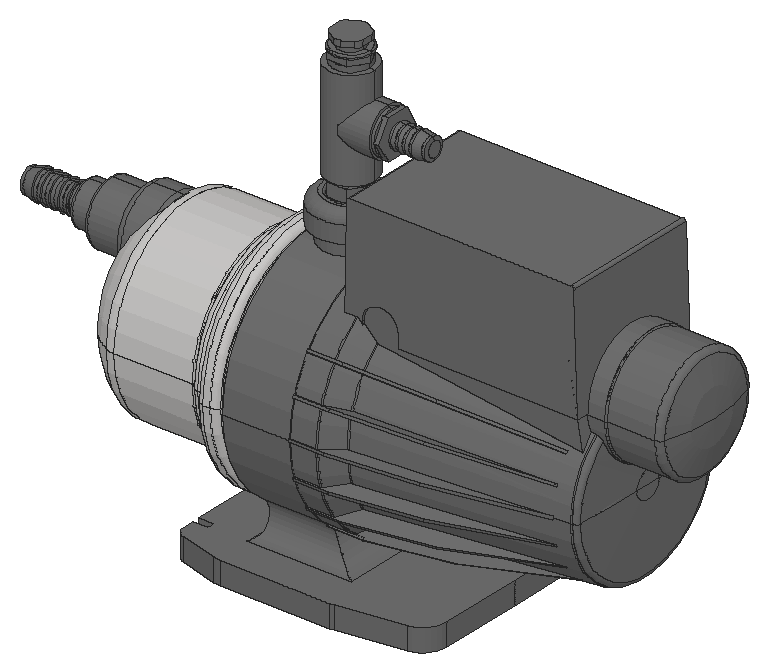
Revit family "QF-Repressurization_Pump-OptiPure-HF+-1HP", category Specialty Equipment, Revit 2017
Family settings
  Round Connector Dimension = Use Diameter
  Part Type = Normal
  OmniClass Number = 23.40.40.14
  OmniClass Title = Food Service Equipment
  Work Plane-Based = No
  Always vertical = Yes
  Cut with Voids When Loaded = No
  Shared = No
  Room Calculation Point = No
Parameters (values of type "HF PLUS - 1 HP")
  Width = 8.50"
  Watts = 2 W
  Volts = 120 V
  URL = "WWW.OPTIPUREWATER.COM"
  Model = "164-85100 - SMART PUMP ASSY HF PLUS - 1 HP"
  Material = Stainless Steel
  Manufacturer = "OPTIPURE"
  Length = 24.46875"
  Keynote = "11400"
  Height = 16.34375"
  Filtered Water Out A = 0.50"
  Filtered Water In A = 0.50"
  Description = "REPRESSURIZATION PUMP"
  Cycle = 60 Hz
  Current = 8 A
  Body Material = Black Plastic
  Assembly Code = "E1090300"
Reference planes (in)
  plane 1 "Center (Front/Back)": y = 0
  plane 2: z = 0
  plane 3 "Center (Left/Right)": x = 0.6145
  plane 4: x = 25.0745
  plane 5: z = 16.35156
  plane 6: y = -4.25
  plane 7: y = 4.25
  plane 8: y = -4.30078
  plane 9: z = 7.56
  plane 10: x = 12.08485
  plane 11: y = 4.29
  plane 12: y = -4.29091
Forms (in)
  Revolve 1, solid, material "Stainless Steel" <- "Material"
    sketch origin (0, 10.70485, 5.54926) x (1, 0, 0) y (0, 1, 0)
      loop
        line (6.41274, -14.20483) -> (9.18029, -14.20488)
        arc (9.18029, -14.20488) -> (9.23648, -14.21048) -> (9.29045, -14.22708) r 0.28445
        line (9.29045, -14.22708) -> (9.37795, -14.30357)
        arc (9.37795, -14.30357) -> (9.46502, -14.37653) -> (9.5756, -14.40253) r 0.24575
        line (9.5756, -14.40253) -> (9.68532, -14.40228)
        arc (9.68532, -14.40228) -> (9.82416, -14.44417) -> (9.91615, -14.55626) r 0.24916
        line (9.91615, -14.55626) -> (9.94903, -14.80118)
        arc (9.94903, -14.80118) -> (10.04103, -14.91296) -> (10.17958, -14.95488) r 0.24964
        line (10.17958, -14.95488) -> (10.43211, -14.9548)
        arc (10.43211, -14.9548) -> (10.59283, -14.89619) -> (10.67819, -14.74793) r 0.24989
        line (10.67819, -14.74793) -> (10.6848, -14.70362) -> (10.68479, -14.40722) -> (10.83842, -14.40722) -> (10.9365, -14.40515) -> (10.93176, -10.70485) -> (4.33756, -10.70485) -> (4.33756, -10.82744)
        arc (4.33756, -10.82744) -> (4.36267, -11.28009) -> (4.4377, -11.72719) r 4.09237
        arc (4.4377, -11.72719) -> (4.59282, -12.2732) -> (4.80792, -12.79848) r 5.07678
        arc (4.80792, -12.79848) -> (5.35349, -13.59041) -> (6.11814, -14.17361) r 3.05622
        arc (6.11814, -14.17361) -> (6.26461, -14.197) -> (6.41274, -14.20483) r 1.4061
      axis (4.33756, -10.70485) -> (10.9365, -10.70485)
    angle from 0 to 360
  Extrusion 2, solid, material "Black Plastic" <- "Body Material"
    sketch origin (0, 10.70485, 5.54926) x (1, 0, 0) y (0, 0, 1)
      loop
        line (10.68545, -4.74758) -> (14.44003, -4.74758)
        arc (14.44003, -4.74758) -> (13.62479, -4.40989) -> (13.2871, -3.59465) r 1.15293
        line (13.2871, -3.59465) -> (10.93724, -3.59465) -> (10.93724, -4.49579)
        arc (10.93724, -4.49579) -> (10.86349, -4.67383) -> (10.68545, -4.74758) r 0.25179
    from 6.45485 to 14.95485
  Extrusion 3, solid, material "Black Plastic" <- "Body Material"
    sketch origin (0, 10.70485, 5.54926) x (0, 1, 0) y (0, 0, 1)
      loop
        circle (-10.70485, 0) r 4.29
    from 10.9365 to 13.3356
  Extrusion 4, solid, material "Black Plastic" <- "Body Material"
    sketch origin (0, 10.70485, 5.54926) x (1, 0, 0) y (0, 1, 0)
      loop
        line (17.93033, -13.72339) -> (17.93033, -10.70485) -> (17.93033, -7.68631)
        arc (17.93033, -7.68631) -> (17.7231, -7.12458) -> (17.20071, -6.83203) r 0.86492
        line (17.20071, -6.83203) -> (14.897, -6.46716)
        arc (14.897, -6.46716) -> (14.81903, -6.45793) -> (14.74057, -6.45485) r 1
        line (14.74057, -6.45485) -> (10.82099, -6.45485)
        arc (10.82099, -6.45485) -> (10.68668, -6.46391) -> (10.55481, -6.49093) r 1
        line (10.55481, -6.49093) -> (9.14704, -6.87967)
        arc (9.14704, -6.87967) -> (8.91739, -7.03503) -> (8.82877, -7.29775) r 0.43372
        line (8.82877, -7.29775) -> (8.82877, -7.70485) -> (9.32795, -7.70485)
        arc (9.32795, -7.70485) -> (9.3633, -7.71949) -> (9.37795, -7.75485) r 0.05
        line (9.37795, -7.75485) -> (9.37795, -7.90485)
        arc (9.37795, -7.90485) -> (9.3633, -7.94021) -> (9.32795, -7.95485) r 0.05
        line (9.32795, -7.95485) -> (8.82877, -7.95485) -> (8.82877, -10.70485) -> (8.82877, -13.45485) -> (9.32795, -13.45485)
        arc (9.32795, -13.45485) -> (9.3633, -13.46949) -> (9.37795, -13.50485) r 0.05
        line (9.37795, -13.50485) -> (9.37795, -13.65485)
        arc (9.37795, -13.65485) -> (9.3633, -13.69021) -> (9.32795, -13.70485) r 0.05
        line (9.32795, -13.70485) -> (8.82877, -13.70485) -> (8.82877, -14.11195)
        arc (8.82877, -14.11195) -> (8.91739, -14.37467) -> (9.14704, -14.53003) r 0.43372
        line (9.14704, -14.53003) -> (10.55481, -14.91877)
        arc (10.55481, -14.91877) -> (10.68668, -14.94579) -> (10.82099, -14.95485) r 1
        line (10.82099, -14.95485) -> (14.74057, -14.95485)
        arc (14.74057, -14.95485) -> (14.81903, -14.95177) -> (14.897, -14.94254) r 1
        line (14.897, -14.94254) -> (17.20071, -14.57767)
        arc (17.20071, -14.57767) -> (17.7231, -14.28512) -> (17.93033, -13.72339) r 0.86492
    from -5.54926 to -4.74758
  Revolve 5, solid, material "Black Plastic" <- "Body Material"
    sketch origin (0, 0, 5.20271) x (1, 0, 0) y (0, 0, 1)
      loop
        arc (3.56859, 3.48113) -> (3.47915, 3.44178) -> (3.44773, 3.34926) r 0.12132
        line (3.44773, 3.34926) -> (3.44773, 3.13692) -> (2.74425, 3.13692)
        arc (2.74425, 3.13692) -> (2.69253, 3.12183) -> (2.65634, 3.08191) r 0.09912
        line (2.65634, 3.08191) -> (2.6345, 3.03796) -> (2.6345, 2.87339) -> (2.42644, 2.87339) -> (2.3345, 2.84886) -> (2.3345, 2.35729) -> (6.11814, 2.35729) -> (6.11814, 3.8126) -> (5.87291, 3.8126) -> (5.01913, 3.8126)
        arc (5.01913, 3.8126) -> (4.83507, 3.73636) -> (4.75882, 3.55229) r 0.26031
        line (4.75882, 3.55229) -> (4.75882, 3.48113) -> (3.56859, 3.48113)
      axis (6.11814, 2.35729) -> (2.3345, 2.35729)
    angle from 0 to 360
  Revolve 6, solid, material "Black Plastic" <- "Body Material"
    sketch origin (0, 0, 5.54926) x (1, 0, 0) y (0, 0, 1)
      loop
        line (13.13848, 4.69625) -> (13.3971, 4.69625) -> (13.3971, 5.31141)
        arc (13.3971, 5.31141) -> (13.28455, 5.58313) -> (13.01282, 5.69566) r 0.38425
        line (13.01282, 5.69566) -> (12.87036, 5.69566)
        arc (12.87036, 5.69566) -> (12.83214, 5.67982) -> (12.8163, 5.6416) r 0.05406
        line (12.8163, 5.6416) -> (12.08485, 5.6416) -> (12.08485, 3.86317) -> (13.13848, 3.86317) -> (13.13848, 4.69625)
      loop
        line (12.93589, 6.2995) -> (12.93589, 9.83552) -> (12.73823, 9.83551) -> (12.74929, 10.04417) -> (12.08485, 10.04417) -> (12.08485, 6.10198) -> (12.70386, 6.10198) -> (12.66903, 6.2995) -> (12.93589, 6.2995)
      loop
        line (12.08485, 10.60402) -> (12.08485, 10.28573) -> (12.79895, 10.28573) -> (12.79895, 10.33309)
        arc (12.79895, 10.33309) -> (12.7843, 10.36844) -> (12.74895, 10.38309) r 0.05
        line (12.74895, 10.38309) -> (12.54895, 10.38309) -> (12.56065, 10.60402) -> (12.08485, 10.60402)
      axis (12.08485, 3.86317) -> (12.08485, 10.60402)
    angle from 0 to 360
  Extrusion 7, solid, material "Black Plastic" <- "Body Material"
    sketch origin (0, 10.5, 5.54926) x (1, 0, 0) y (0, 1, 0)
      loop
        line (11.72746, -9.88099) -> (11.37007, -10.5) -> (11.72746, -11.11901) -> (12.44223, -11.11901) -> (12.79962, -10.5) -> (12.44223, -9.88099) -> (11.72746, -9.88099)
    from 5.6416 to 6.10198
  Extrusion 8, solid, material "Black Plastic" <- "Body Material"
    sketch origin (0, 10.70485, 0) x (1, 0, 0) y (0, 0, 1)
      loop
        arc (14.11548, 10.75) -> (13.94183, 10.67985) -> (13.86564, 10.50876) r 0.25
        line (13.86564, 10.50876) -> (13.81291, 7.5) -> (22.33187, 7.5) -> (21.78809, 10.58393)
        arc (21.78809, 10.58393) -> (21.69667, 10.70431) -> (21.5526, 10.75) r 0.25
        line (21.5526, 10.75) -> (14.11548, 10.75)
    from 8.26869 to 13.14101
  Revolve 9, solid, material "Black Plastic" <- "Body Material"
    sketch origin (0, 10.70485, 8.5) x (1, 0, 0) y (0, 1, 0)
      loop
        line (20.46094, -10.70485) -> (20.46094, -12.77404) -> (22.81637, -12.77404) -> (22.86057, -12.72985) -> (24.54969, -12.72985)
        arc (24.54969, -12.72985) -> (24.69489, -12.68336) -> (24.78609, -12.56117) r 0.25
        arc (24.78609, -12.56117) -> (25.01274, -11.64582) -> (25.0745, -10.70485) r 5.32912
        line (25.0745, -10.70485) -> (20.46094, -10.70485)
      axis (20.46094, -10.70485) -> (25.0745, -10.70485)
    angle from 0 to 360
  Extrusion 10, solid, material "Black Plastic" <- "Body Material"
    sketch origin (0, 10.5, 9.95184) x (1, 0, 0) y (0, 1, 0)
      loop
        line (11.72746, -9.88099) -> (11.37007, -10.5) -> (11.72746, -11.11901) -> (12.44223, -11.11901) -> (12.79962, -10.5) -> (12.44223, -9.88099) -> (11.72746, -9.88099)
    from 5.6416 to 5.88315
  Extrusion 11, solid, material "Black Plastic" <- "Body Material"
    sketch origin (12.08485, 0, 16.15328) x (1, 0, 0) y (0, 1, 0)
      loop
        line (-0.45918, -0.40945) -> (-0.125, -0.60239)
        arc (-0.125, -0.60239) -> (0, -0.63588) -> (0.125, -0.60239) r 0.25
        line (0.125, -0.60239) -> (0.45918, -0.40945)
        arc (0.45918, -0.40945) -> (0.55069, -0.31794) -> (0.58418, -0.19294) r 0.25
        line (0.58418, -0.19294) -> (0.58418, 0.19294)
        arc (0.58418, 0.19294) -> (0.55069, 0.31794) -> (0.45918, 0.40945) r 0.25
        line (0.45918, 0.40945) -> (0.125, 0.60239)
        arc (0.125, 0.60239) -> (0, 0.63588) -> (-0.125, 0.60239) r 0.25
        line (-0.125, 0.60239) -> (-0.45918, 0.40945)
        arc (-0.45918, 0.40945) -> (-0.55069, 0.31794) -> (-0.58418, 0.19294) r 0.25
        line (-0.58418, 0.19294) -> (-0.58418, -0.19294)
        arc (-0.58418, -0.19294) -> (-0.55069, -0.31794) -> (-0.45918, -0.40945) r 0.25
    from 0 to 0.19828
  Revolve 12, solid, material "Black Plastic" <- "Body Material"
    sketch origin (-9.73996, 0, -6.04938) x (1, 0, 0) y (0, 0, 1)
      loop
        line (12.07446, 13.60937) -> (12.07446, 14.10938) -> (12.07446, 14.15437) -> (11.90652, 14.10938) -> (11.76446, 14.10938) -> (11.76446, 14.15437) -> (11.59652, 14.10938) -> (11.45446, 14.10938) -> (11.45446, 14.15437) -> (11.28652, 14.10938) -> (11.14446, 14.10938) -> (11.14446, 14.15437) -> (10.97652, 14.10938) -> (10.83446, 14.10938) -> (10.83446, 14.15437) -> (10.45446, 14.05255) -> (10.35446, 14.05437) -> (10.35446, 13.60937) -> (12.07446, 13.60937)
      axis (12.07446, 13.60938) -> (10.35446, 13.60938)
    angle from 0 to 360
  Revolve 13, solid, material "Black Plastic" <- "Body Material"
    sketch origin (24.16969, 0, 0) x (-1, 0, 0) y (0, 0, -1)
      loop
        line (10.75, -14.45313) -> (12, -14.45313) -> (12, -13.60938) -> (10.62537, -13.60938) -> (10.62537, -14.36696) -> (10.75, -14.38893) -> (10.75, -14.45313)
      loop
        line (10.42615, -13.60937) -> (9.14385, -13.60937) -> (9.14385, -14) -> (9.25075, -14) -> (9.55745, -14.05408) -> (9.55745, -14.02115) -> (9.68245, -14.02115) -> (9.80535, -14.05408) -> (9.80535, -14.02115) -> (9.93035, -14.02115) -> (10.05325, -14.05408) -> (10.05325, -14.02115) -> (10.17825, -14.02115) -> (10.30115, -14.05408) -> (10.30115, -14.02115) -> (10.42615, -14.02115) -> (10.42615, -13.60937)
      axis (12, -13.60938) -> (9.14385, -13.60938)
    angle from 0 to 360
  Extrusion 14, solid, material "Black Plastic" <- "Body Material"
    sketch origin (24.16969, 10.70485, 0) x (0, 1, 0) y (0, 0, -1)
      loop
        line (-11.11045, -14.31189) -> (-10.29925, -14.31189) -> (-9.89366, -13.60937) -> (-10.29925, -12.90686) -> (-11.11045, -12.90686) -> (-11.51604, -13.60937) -> (-11.11045, -14.31189)
    from 10.42615 to 10.62537
  Extrusion 15, void
    sketch origin (2.61091, 10.70485, -2.3053) x (0, 1, 0) y (-0.5, 0, 0.866025)
      loop
        circle (-10.70485, 3.71938) r 0.75
    from 4.71673 to 4.97108
  Revolve 16, solid, material "Black Plastic" <- "Body Material"
    sketch origin (-0.14708, 0, -0.06328) x (1, 0, 0) y (0, 0, 1)
      loop
        line (4.25429, 3.46938) -> (4.25429, 3.0063)
        arc (4.25429, 3.0063) -> (4.26893, 2.97094) -> (4.30429, 2.9563) r 0.05
        line (4.30429, 2.9563) -> (5.00429, 2.9563) -> (5.00429, 2.87817) -> (5.5787, 2.87817) -> (5.5787, 3.46938) -> (4.25429, 3.46938)
      axis (5.5787, 3.46938) -> (4.25429, 3.46938)
    angle from 0 to 360
  Extrusion 17, solid, material "Black Plastic" <- "Body Material"
    sketch origin (0.87129, 2.43616, -0.56038) x (-1, 0, 0) y (0, 0, 1)
      loop
        line (-13.92758, 9.79306) -> (-14.26442, 9.98754) -> (-14.60126, 9.79306) -> (-14.60126, 9.40411) -> (-14.26442, 9.20963) -> (-13.92758, 9.40411) -> (-13.92758, 9.79306)
      loop
        circle (-14.26442, 9.59858) r 0.12772
    from 0 to 0.25
  Revolve 18, solid, material "Black Plastic" <- "Body Material"
    sketch origin (0, 10.70485, 5.54926) x (1, 0, 0) y (0, 1, 0)
      loop
        line (13.3356, -15.00563) -> (14.26202, -15.00563)
        arc (14.26202, -15.00563) -> (14.29454, -15.00019) -> (14.32353, -14.98448) r 0.1
        line (14.32353, -14.98448) -> (14.95663, -14.49055)
        arc (14.95663, -14.49055) -> (14.97971, -14.47853) -> (15.00512, -14.47286) r 0.1
        line (15.00512, -14.47286) -> (22.41372, -13.8127) -> (22.4403, -13.78029)
        arc (22.4403, -13.78029) -> (22.57084, -13.7407) -> (22.6328, -13.61917) r 0.17414
        arc (22.6328, -13.61917) -> (22.68198, -12.40995) -> (22.69838, -11.19984) r 44.6562
        line (22.69838, -11.19984) -> (22.69838, -10.70485) -> (13.3356, -10.70485) -> (13.3356, -15.00563)
      axis (22.69838, -10.70485) -> (13.3356, -10.70485)
    angle from 0 to 360
  Extrusion 19, solid, material "Black Plastic" <- "Body Material"
    sketch origin (12.14356, -141.83599, -86.88128) x (-1, 0, 0) y (0, -0.837967, -0.545721)
      loop
        line (-1.19203, -173.59593) -> (-2.11937, -173.59593)
        arc (-2.11937, -173.59593) -> (-2.15192, -173.59048) -> (-2.18093, -173.57473) r 0.1
        line (-2.18093, -173.57473) -> (-2.80597, -173.0864)
        arc (-2.80597, -173.0864) -> (-2.8308, -173.07219) -> (-2.85863, -173.0656) r 0.1
        line (-2.85863, -173.0656) -> (-9.69762, -172.45402) -> (-5.60987, -173.31703)
        arc (-5.60987, -173.31703) -> (-4.04336, -173.56348) -> (-2.45973, -173.64593) r 15.25
        line (-2.45973, -173.64593) -> (-1.19203, -173.64593) -> (-1.19203, -173.59593)
    from 0 to 0.10156
  Extrusion 20, solid, material "Black Plastic" <- "Body Material"
    sketch origin (12.14356, 137.10887, -93.75838) x (-1, 0, 0) y (0, 0.809705, -0.586838)
      loop
        line (-1.19203, -173.59593) -> (-2.11937, -173.59593)
        arc (-2.11937, -173.59593) -> (-2.15192, -173.59048) -> (-2.18093, -173.57473) r 0.1
        line (-2.18093, -173.57473) -> (-2.80597, -173.0864)
        arc (-2.80597, -173.0864) -> (-2.8308, -173.07219) -> (-2.85863, -173.0656) r 0.1
        line (-2.85863, -173.0656) -> (-9.69762, -172.45402) -> (-5.60987, -173.31703)
        arc (-5.60987, -173.31703) -> (-4.04336, -173.56348) -> (-2.45973, -173.64593) r 15.25
        line (-2.45973, -173.64593) -> (-1.19203, -173.64593) -> (-1.19203, -173.59593)
    from 0 to 0.10156
  Extrusion 21, solid, material "Black Plastic" <- "Body Material"
    sketch origin (12.14356, -163.29104, -39.13729) x (-1, 0, 0) y (0, -0.964614, -0.263667)
      loop
        line (-1.19203, -173.59593) -> (-2.11937, -173.59593)
        arc (-2.11937, -173.59593) -> (-2.15192, -173.59048) -> (-2.18093, -173.57473) r 0.1
        line (-2.18093, -173.57473) -> (-2.80597, -173.0864)
        arc (-2.80597, -173.0864) -> (-2.8308, -173.07219) -> (-2.85863, -173.0656) r 0.1
        line (-2.85863, -173.0656) -> (-9.69762, -172.45402) -> (-5.60987, -173.31703)
        arc (-5.60987, -173.31703) -> (-4.04336, -173.56348) -> (-2.45973, -173.64593) r 15.25
        line (-2.45973, -173.64593) -> (-1.19203, -173.64593) -> (-1.19203, -173.59593)
    from 0 to 0.10156
  Extrusion 22, solid, material "Black Plastic" <- "Body Material"
    sketch origin (12.14356, -169.13643, 12.87847) x (-1, 0, 0) y (0, -0.999049, 0.043592)
      loop
        line (-1.19203, -173.59593) -> (-2.11937, -173.59593)
        arc (-2.11937, -173.59593) -> (-2.15192, -173.59048) -> (-2.18093, -173.57473) r 0.1
        line (-2.18093, -173.57473) -> (-2.80597, -173.0864)
        arc (-2.80597, -173.0864) -> (-2.8308, -173.07219) -> (-2.85863, -173.0656) r 0.1
        line (-2.85863, -173.0656) -> (-9.69762, -172.45402) -> (-5.60987, -173.31703)
        arc (-5.60987, -173.31703) -> (-4.04336, -173.56348) -> (-2.45973, -173.64593) r 15.25
        line (-2.45973, -173.64593) -> (-1.19203, -173.64593) -> (-1.19203, -173.59593)
    from 0 to 0.10156
  Extrusion 23, solid, material "Black Plastic" <- "Body Material"
    sketch origin (12.14356, -158.81339, 64.1936) x (-1, 0, 0) y (0, -0.937982, 0.346684)
      loop
        line (-1.19203, -173.59593) -> (-2.11937, -173.59593)
        arc (-2.11937, -173.59593) -> (-2.15192, -173.59048) -> (-2.18093, -173.57473) r 0.1
        line (-2.18093, -173.57473) -> (-2.80597, -173.0864)
        arc (-2.80597, -173.0864) -> (-2.8308, -173.07219) -> (-2.85863, -173.0656) r 0.1
        line (-2.85863, -173.0656) -> (-9.69762, -172.45402) -> (-5.60987, -173.31703)
        arc (-5.60987, -173.31703) -> (-4.04336, -173.56348) -> (-2.45973, -173.64593) r 15.25
        line (-2.45973, -173.64593) -> (-1.19203, -173.64593) -> (-1.19203, -173.59593)
    from 0 to 0.10156
  Extrusion 24, solid, material "Black Plastic" <- "Body Material"
    sketch origin (12.14356, -133.30872, 109.90267) x (-1, 0, 0) y (0, -0.787249, 0.616635)
      loop
        line (-1.19203, -173.59593) -> (-2.11937, -173.59593)
        arc (-2.11937, -173.59593) -> (-2.15192, -173.59048) -> (-2.18093, -173.57473) r 0.1
        line (-2.18093, -173.57473) -> (-2.80597, -173.0864)
        arc (-2.80597, -173.0864) -> (-2.8308, -173.07219) -> (-2.85863, -173.0656) r 0.1
        line (-2.85863, -173.0656) -> (-9.69762, -172.45402) -> (-5.60987, -173.31703)
        arc (-5.60987, -173.31703) -> (-4.04336, -173.56348) -> (-2.45973, -173.64593) r 15.25
        line (-2.45973, -173.64593) -> (-1.19203, -173.64593) -> (-1.19203, -173.59593)
    from 0 to 0.10156
  Extrusion 25, solid, material "Black Plastic" <- "Body Material"
    sketch origin (12.14356, -95.06053, 145.63618) x (-1, 0, 0) y (0, -0.561259, 0.82764)
      loop
        line (-1.19203, -173.59593) -> (-2.11937, -173.59593)
        arc (-2.11937, -173.59593) -> (-2.15192, -173.59048) -> (-2.18093, -173.57473) r 0.1
        line (-2.18093, -173.57473) -> (-2.80597, -173.0864)
        arc (-2.80597, -173.0864) -> (-2.8308, -173.07219) -> (-2.85863, -173.0656) r 0.1
        line (-2.85863, -173.0656) -> (-9.69762, -172.45402) -> (-5.60987, -173.31703)
        arc (-5.60987, -173.31703) -> (-4.04336, -173.56348) -> (-2.45973, -173.64593) r 15.25
        line (-2.45973, -173.64593) -> (-1.19203, -173.64593) -> (-1.19203, -173.59593)
    from 0 to 0.10156
  Extrusion 26, solid, material "Black Plastic" <- "Body Material"
    sketch origin (12.14356, -47.72512, 167.97821) x (-1, 0, 0) y (0, -0.281617, 0.959527)
      loop
        line (-1.19203, -173.59593) -> (-2.11937, -173.59593)
        arc (-2.11937, -173.59593) -> (-2.15192, -173.59048) -> (-2.18093, -173.57473) r 0.1
        line (-2.18093, -173.57473) -> (-2.80597, -173.0864)
        arc (-2.80597, -173.0864) -> (-2.8308, -173.07219) -> (-2.85863, -173.0656) r 0.1
        line (-2.85863, -173.0656) -> (-9.69762, -172.45402) -> (-5.60987, -173.31703)
        arc (-5.60987, -173.31703) -> (-4.04336, -173.56348) -> (-2.45973, -173.64593) r 15.25
        line (-2.45973, -173.64593) -> (-1.19203, -173.64593) -> (-1.19203, -173.59593)
    from 0 to 0.10156
  Extrusion 27, solid, material "Black Plastic" <- "Body Material"
    sketch origin (12.14356, 4.17253, 174.79299) x (-1, 0, 0) y (0, 0.024946, 0.999689)
      loop
        line (-1.19203, -173.59593) -> (-2.11937, -173.59593)
        arc (-2.11937, -173.59593) -> (-2.15192, -173.59048) -> (-2.18093, -173.57473) r 0.1
        line (-2.18093, -173.57473) -> (-2.80597, -173.0864)
        arc (-2.80597, -173.0864) -> (-2.8308, -173.07219) -> (-2.85863, -173.0656) r 0.1
        line (-2.85863, -173.0656) -> (-9.69762, -172.45402) -> (-5.60987, -173.31703)
        arc (-5.60987, -173.31703) -> (-4.04336, -173.56348) -> (-2.45973, -173.64593) r 15.25
        line (-2.45973, -173.64593) -> (-1.19203, -173.64593) -> (-1.19203, -173.59593)
    from 0 to 0.10156
  Extrusion 28, solid, material "Black Plastic" <- "Body Material"
    sketch origin (12.14356, 55.67132, 165.42907) x (-1, 0, 0) y (0, 0.329125, 0.944286)
      loop
        line (-1.19203, -173.59593) -> (-2.11937, -173.59593)
        arc (-2.11937, -173.59593) -> (-2.15192, -173.59048) -> (-2.18093, -173.57473) r 0.1
        line (-2.18093, -173.57473) -> (-2.80597, -173.0864)
        arc (-2.80597, -173.0864) -> (-2.8308, -173.07219) -> (-2.85863, -173.0656) r 0.1
        line (-2.85863, -173.0656) -> (-9.69762, -172.45402) -> (-5.60987, -173.31703)
        arc (-5.60987, -173.31703) -> (-4.04336, -173.56348) -> (-2.45973, -173.64593) r 15.25
        line (-2.45973, -173.64593) -> (-1.19203, -173.64593) -> (-1.19203, -173.59593)
    from 0 to 0.10156
  Extrusion 29, solid, material "Black Plastic" <- "Body Material"
    sketch origin (12.14356, 101.84825, 140.78159) x (-1, 0, 0) y (0, 0.601841, 0.798616)
      loop
        line (-1.19203, -173.59593) -> (-2.11937, -173.59593)
        arc (-2.11937, -173.59593) -> (-2.15192, -173.59048) -> (-2.18093, -173.57473) r 0.1
        line (-2.18093, -173.57473) -> (-2.80597, -173.0864)
        arc (-2.80597, -173.0864) -> (-2.8308, -173.07219) -> (-2.85863, -173.0656) r 0.1
        line (-2.85863, -173.0656) -> (-9.69762, -172.45402) -> (-5.60987, -173.31703)
        arc (-5.60987, -173.31703) -> (-4.04336, -173.56348) -> (-2.45973, -173.64593) r 15.25
        line (-2.45973, -173.64593) -> (-1.19203, -173.64593) -> (-1.19203, -173.59593)
    from 0 to 0.10156
  Extrusion 30, solid, material "Black Plastic" <- "Body Material"
    sketch origin (12.14356, 138.2891, 103.2067) x (-1, 0, 0) y (0, 0.817025, 0.576602)
      loop
        line (-1.19203, -173.59593) -> (-2.11937, -173.59593)
        arc (-2.11937, -173.59593) -> (-2.15192, -173.59048) -> (-2.18093, -173.57473) r 0.1
        line (-2.18093, -173.57473) -> (-2.80597, -173.0864)
        arc (-2.80597, -173.0864) -> (-2.8308, -173.07219) -> (-2.85863, -173.0656) r 0.1
        line (-2.85863, -173.0656) -> (-9.69762, -172.45402) -> (-5.60987, -173.31703)
        arc (-5.60987, -173.31703) -> (-4.04336, -173.56348) -> (-2.45973, -173.64593) r 15.25
        line (-2.45973, -173.64593) -> (-1.19203, -173.64593) -> (-1.19203, -173.59593)
    from 0 to 0.10156
  Extrusion 31, solid, material "Black Plastic" <- "Body Material"
    sketch origin (12.14356, 161.51032, 56.29634) x (-1, 0, 0) y (0, 0.954106, 0.299469)
      loop
        line (-1.19203, -173.59593) -> (-2.11937, -173.59593)
        arc (-2.11937, -173.59593) -> (-2.15192, -173.59048) -> (-2.18093, -173.57473) r 0.1
        line (-2.18093, -173.57473) -> (-2.80597, -173.0864)
        arc (-2.80597, -173.0864) -> (-2.8308, -173.07219) -> (-2.85863, -173.0656) r 0.1
        line (-2.85863, -173.0656) -> (-9.69762, -172.45402) -> (-5.60987, -173.31703)
        arc (-5.60987, -173.31703) -> (-4.04336, -173.56348) -> (-2.45973, -173.64593) r 15.25
        line (-2.45973, -173.64593) -> (-1.19203, -173.64593) -> (-1.19203, -173.59593)
    from 0 to 0.10156
  Extrusion 32, solid, material "Black Plastic" <- "Body Material"
    sketch origin (12.14356, 169.29212, 4.53485) x (-1, 0, 0) y (0, 0.99998, -0.006292)
      loop
        line (-1.19203, -173.59593) -> (-2.11937, -173.59593)
        arc (-2.11937, -173.59593) -> (-2.15192, -173.59048) -> (-2.18093, -173.57473) r 0.1
        line (-2.18093, -173.57473) -> (-2.80597, -173.0864)
        arc (-2.80597, -173.0864) -> (-2.8308, -173.07219) -> (-2.85863, -173.0656) r 0.1
        line (-2.85863, -173.0656) -> (-9.69762, -172.45402) -> (-5.60987, -173.31703)
        arc (-5.60987, -173.31703) -> (-4.04336, -173.56348) -> (-2.45973, -173.64593) r 15.25
        line (-2.45973, -173.64593) -> (-1.19203, -173.64593) -> (-1.19203, -173.59593)
    from 0 to 0.10156
  Extrusion 33, solid, material "Black Plastic" <- "Body Material"
    sketch origin (12.14356, 160.89059, -47.12966) x (-1, 0, 0) y (0, 0.950262, -0.311451)
      loop
        line (-1.19203, -173.59593) -> (-2.11937, -173.59593)
        arc (-2.11937, -173.59593) -> (-2.15192, -173.59048) -> (-2.18093, -173.57473) r 0.1
        line (-2.18093, -173.57473) -> (-2.80597, -173.0864)
        arc (-2.80597, -173.0864) -> (-2.8308, -173.07219) -> (-2.85863, -173.0656) r 0.1
        line (-2.85863, -173.0656) -> (-9.69762, -172.45402) -> (-5.60987, -173.31703)
        arc (-5.60987, -173.31703) -> (-4.04336, -173.56348) -> (-2.45973, -173.64593) r 15.25
        line (-2.45973, -173.64593) -> (-1.19203, -173.64593) -> (-1.19203, -173.59593)
    from 0 to 0.10156
  Extrusion 34, solid, material "Black Plastic" <- "Body Material"
    sketch origin (15.02584, 0, 13.60938) x (0, 1, 0) y (0, 0, 1)
      loop
        circle (0, 0) r 0.25
    from 0 to 0.05078
  Extrusion 35, solid, material "Black Plastic" <- "Body Material"
    sketch origin (0.6145, 0, 7.56) x (0, 0, 1) y (0, 1, 0)
      loop
        circle (0, 0) r 0.25
    from 0 to -0.1069
  Extrusion 36, solid, material "Black Plastic" <- "Body Material"
    sketch origin (0, 2.43616, 0) x (-1, 0, 0) y (0, 0, 1)
      loop
        circle (-20.50651, 9.59858) r 0.25
    from 0 to 0.05078
  Extrusion 37, solid, material "Black Plastic" <- "Body Material"
    sketch origin (0, 0, 0) x (1, 0, 0) y (0, 0, 1)
      loop
        line (22.19125, 8.54468) -> (22.04796, 12.63223)
        arc (22.04796, 12.63223) -> (22.01392, 12.70866) -> (21.93634, 12.74) r 0.11169
        line (21.93634, 12.74) -> (14.01449, 12.74)
        arc (14.01449, 12.74) -> (13.93621, 12.70798) -> (13.90282, 12.63027) r 0.11169
        line (13.90282, 12.63027) -> (13.83122, 8.54468) -> (14.47854, 8.54468) -> (14.47854, 9.00148)
        arc (14.47854, 9.00148) -> (15.12134, 9.64428) -> (15.76414, 9.00148) r 0.6428
        line (15.76414, 9.00148) -> (15.76414, 8.54468) -> (22.19125, 8.54468)
    from -2.48694 to 2.47726
  Extrusion 38, void
    sketch origin (0, 10.70485, 5.54926) x (0, 1, 0) y (0, 0, 1)
      loop
        line (-14.95485, -4.74758) -> (-13.63205, -4.74758)
        arc (-13.63205, -4.74758) -> (-12.98473, -4.35136) -> (-13.04311, -3.59465) r 0.72688
        line (-13.04311, -3.59465) -> (-14.95485, -3.59465) -> (-14.95485, -4.74758)
    from 10.68545 to 14.44003
  Extrusion 39, void
    sketch origin (0, -10.70485, 5.54926) x (0, -1, 0) y (0, 0, -1)
      loop
        line (-14.95485, 4.74758) -> (-14.95485, 3.59465) -> (-13.04311, 3.59465)
        arc (-13.04311, 3.59465) -> (-12.98473, 4.35136) -> (-13.63205, 4.74758) r 0.72688
        line (-13.63205, 4.74758) -> (-14.95485, 4.74758)
    from 10.68545 to 14.44003
Cuts and joins
  Extrusion 15 cuts Revolve 1
  joined: Extrusion 3, Revolve 6, Revolve 13
  joined: Extrusion 8, Revolve 9, Revolve 18
  Extrusion 38, Extrusion 39 cuts Extrusion 2
Lines and regions (in)
  model lines, style "0"
    curve 1: line (5.13377, 0, 3.0643) -> (4.57032, 0, 4.6515)
    curve 2: line (4.55136, 0, 5.46021) -> (4.7945, 0, 6.60659)
    curve 3: line (5.46429, 0, 8.06767) -> (5.46429, 0, 2.44751)
    curve 4: line (4.4245, 0, 2.775) -> (4.4245, 0, 3.625)
    curve 5: arc (6.29782, 0, 2) -> (5.82479, 0, 2.11895) -> (5.46429, 0, 2.44751) r 1
    curve 6: arc (4.57032, 0, 4.6515) -> (4.55096, 0, 4.91794) -> (4.5445, 0, 5.185) r 5.525
    curve 7: arc (5.46429, 0, 2.44751) -> (5.38367, 0, 2.57278) -> (5.30646, 0, 2.70017) r 5.525
    curve 8: arc (4.5445, 0, 5.185) -> (4.54622, 0, 5.32265) -> (4.55136, 0, 5.46021) r 5.525
    curve 9: line (4.56204, 0, 5.54099) -> (4.7945, 0, 6.63935)
    curve 10: arc (4.55139, 0, 5.46068) -> (4.55508, 0, 5.50105) -> (4.56204, 0, 5.54099) r 0.5
    curve 11: line (5.09212, 0, 3.17312) -> (4.67162, 0, 4.35033)
    curve 12: line (4.67162, 0, 4.35033) -> (4.65261, 0, 4.41678)
    curve 13: arc (4.3445, 0, 3.545) -> (4.36793, 0, 3.60157) -> (4.4245, 0, 3.625) r 0.08
    curve 14: arc (4.4245, 0, 2.775) -> (4.36793, 0, 2.79843) -> (4.3445, 0, 2.855) r 0.08
    curve 15: line (5.30646, 0, 2.70017) -> (5.13377, 0, 3.0643)
    curve 16: line (5.0945, 0, 3.16557) -> (5.13377, 0, 3.0643)
    curve 17: line (5.0945, 0, 2.775) -> (4.4245, 0, 2.775)
    curve 18: line (4.4245, 0, 3.625) -> (4.93795, 0, 3.625)
    curve 19: line (5.0945, 0, 3.16557) -> (5.0945, 0, 2.7)
    curve 20: line (5.0945, 0, 2.7) -> (5.30656, 0, 2.7)
    curve 21: line (4.3445, 0, 3.545) -> (4.3445, 0, 2.855)
Dimensions and locks (in)
  plane 3 "Center (Left/Right)" to plane 4 = 24.46"
  plane 5 to level = 16.35156"
  locked: plane 4 to plane 3 "Center (Left/Right)" at 24.46
  Revolve 9 sketch curve to Revolve 9 sketch curve = 2.025"
  plane 9 to level = 7.56"
  Revolve 5 to plane 10 = 9.45034"
  locked: Revolve 5 to plane 4 at 22.44
  plane 12 to plane 11 = 8.58091"
  aligned and locked: plane 2 to level
Connectors (in)
  piping at (15.07663, 0, 13.60938), diameter 0.5, driven by "Filtered Water Out A"
    settings: on Extrusion 34, index 3, connector inside diameter 24", connector length 0.00", flow factor 0, pipe flow 0 GPM, pressure drop 0.00 psi, fitting loss kfactor 0, connector angle 0.00°, fixture units 0, engagement length 0.00", angle of deflection 0.00°, flow configuration 2, flow direction 2, fitting loss method 0, system type 22, joint type 0, gender type 0, connector reference index -1, connector utility 0, adjustable connector no, is connector primary yes, connector description "Out"
  piping at (0.7214, 0, 7.56), diameter 0.5, driven by "Filtered Water In A"
    settings: on Extrusion 35, index 4, connector inside diameter 24", connector length 0.00", flow factor 0, pipe flow 0 GPM, pressure drop 0.00 psi, fitting loss kfactor 0, connector angle 0.00°, fixture units 0, engagement length 0.00", angle of deflection 0.00°, flow configuration 2, flow direction 1, fitting loss method 0, system type 22, joint type 0, gender type 0, connector reference index -1, connector utility 0, adjustable connector no, is connector primary no, connector description "In"
  electrical at (20.50651, 2.48694, 9.59858)
    settings: on Extrusion 36, index 5, voltage 120 V, apparent load 0 W, apparent load phase1 0 W, apparent load phase2 0 W, apparent load phase3 0 W, power factor 1, load classification "Other", number of poles 1, system type 30, power factor state 1, is connector primary yes, connector utility no, sub classification motor no, connector description "Electrical Connection"
